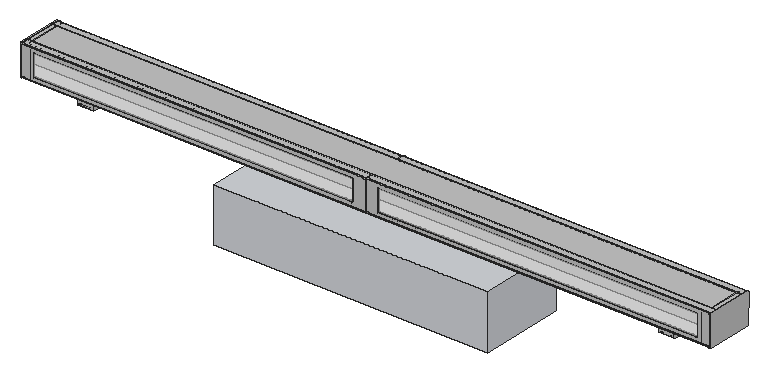
Revit family
Parameters (values of type "WBDIWLED-500-500-35-SO-SO-6-AP")
  With Multiple Lamps = Product Order Length > 240"  # no
  With Mount Multiple = Product Order Length > 240"  # no
  With Mount Additional = or(Product Order Length = 192", Product Order Length = 240")  # no
  With Additional Lamp = Product Order Length < 288"  # yes
  Wattage = 57.6923 W
  built-in parameter 1150110 = 1 (stored number, unit not read)
  Voltage = 120 V
  URL = "http://www.axislighting.com/CMS/itemsDetail_WetBeamDILED.php?298"
  built-in parameter 1114217 = 1 (stored number, unit not read)
  Tilt Angle = 90.00°
  built-in parameter 1150109 = 1 (stored number, unit not read)
  built-in parameter 1150134 = (empty or 0)
  built-in parameter 1150113 = 1 (stored number, unit not read)
  Reflector Finish = Steel - Axis - White Powder Coated
  Product Order Length = 72"
  Product ID = "WBDIWLED"
  Photometric Web File = "WBDIWLED-500-500-35-SO-4-AP-UNV-D-1.ies"
  Other = ""
  Optics Single = Product Order Length < 72"  # no
  Optics Multiple = Product Order Length > 48"  # yes
  Optics Length = if(Product Order Length > 48", (Fixture Length - 51/256") / Optics Configuration, Fixture Length - 51/256")  # 38.02539"
  Optics Half Length = Optics Length / 2  # 19.0127"
  Optics Configuration = if(Product Order Length < 288", 2, if(Product Order Length = 384", 4, if(Product Order Length < 480", 3, if(Product Order Length < 588", 4, 2))))  # 2
  Number of Lamps = Product Order Length / 12"  # 6
  Mounting Distance = if(Product Order Length = 24", 4 1/2", if(Product Order Length = 36", 6 1/2", if(Product Order Length = 48", 8 1/2", if(Product Order Length = 72", 5 1/2", if(Product Order Length = 144", 10 1/2", 17 1/2")))))  # 5 1/2"
  Module 8 Ft = 100 1/4"  # constant formula
  Module 4 Ft = 50 1/4"  # constant formula
  Module 12 Ft = 150 1/4"  # constant formula
  Model = "wet BEAMdi LED Wall Mount"
  Manufacturer = "Axis Lighting"
  built-in parameter 1150105 = 477.46 (stored number, unit not read)
  Lumens = 6000 lm
  built-in parameter 1150115 = 1 (stored number, unit not read)
  built-in parameter 1150137 = (empty or 0)
  built-in parameter 1150139 = (empty or 0)
  Lens Finish Indirect = Acrylic - Axis - Frosted
  Lens Finish Direct = Acrylic - Axis - Frosted
  Lamp Wattage = 13.55 VA
  built-in parameter 1150112 = 1 (stored number, unit not read)
  built-in parameter 1150114 = 1 (stored number, unit not read)
  Lamp Length = 48"  # constant formula
  Lamp Configuration = if(Product Order Length > 240", Optics Configuration - 1, 2)  # 2
  Lamp = "LED"
  Keynote = "16510"
  Joiner Length = 2"  # constant formula
  built-in parameter 1150132 = 2
  built-in parameter 1150102 = (empty or 0)
  built-in parameter 1150107 = 3500 (stored number, unit not read)
  built-in parameter 1150138 = (empty or 0)
  built-in parameter 1150106 = 4.7746 (stored number, unit not read)
  IC Controls = ""
  Housing Finish = Aluminum - Axis - Extruded
  Fixture Width = 3 7/16"  # constant formula
  Fixture Length = if(Product Order Length = 48", Module 4 Ft, if(Product Order Length = 72", Product Order Length + (End Cap Length * 2) + Joiner Length, if(Product Order Length = 96", Module 8 Ft, if(Product Order Length = 144", Module 12 Ft, if(Product Order Length = 192", Module 8 Ft * 2, if(Product Order Length = 240", Module 8 Ft + Module 12 Ft, if(Product Order Length = 288", Module 12 Ft * 2, if(Product Order Length = 336", Module 8 Ft * 2 + Module 12 Ft, if(Product Order Length = 384", Module 8 Ft * 4, if(Product Order Length = 432", Module 12 Ft * 3, if(Product Order Length = 480", Module 8 Ft * 2 + Module 12 Ft * 2, if(Product Order Length = 528", Module 8 Ft + Module 12 Ft * 3, if(Product Order Length = 576", Module 12 Ft * 4, Product Order Length + 2 1/4")))))))))))))  # 76 1/4"
  Fixture Depth = 5 1/8"  # constant formula
  End Cap Length = 1 1/8"  # constant formula
  built-in parameter 1150104 = 9.6619 (stored number, unit not read)
  Dimming Lamp Color Temperature Shift = (empty or 0)
  Description = "LED Wall Mount Lighting Fixture with Spoltess Lens"
  Default Elevation = 48"
  Custom = ""
  Color Filter = 16777215
  Circuit = 1
  built-in parameter 1114218 = 1 (stored number, unit not read)
  built-in parameter 1150133 = 10 (stored number, unit not read)
  Assembly Code = "D5020200"
  Apparent Load = Lamp Wattage * Number of Lamps  # 81.3 VA
Types (5): name | Wattage | Product Order Length | Optics Single | Optics Multiple | Optics Length | Optics Half Length | Number of Lamps | Mounting Distance | built-in parameter 1150105 | Lumens | built-in parameter 1150106 | Fixture Length | Apparent Load
  (no name) | 57.6923 W | 72" | no | yes | 38.02539" | 19.0127" | 6 | 5 1/2" | 477.46 (stored number, unit not read) | 6000 lm | 4.7746 (stored number, unit not read) | 76 1/4" | 81.3 VA
  WBDIWLED-500-500-35-SO-SO-6-AP | 57.6923 W | 72" | no | yes | 38.02539" | 19.0127" | 6 | 5 1/2" | 477.46 (stored number, unit not read) | 6000 lm | 4.7746 (stored number, unit not read) | 76 1/4" | 81.3 VA
  WBDIWLED-500-500-35-SO-SO-4-AP | 38.4615 W | 48" | yes | no | 50 13/256" | 25.02539" | 4 | 8 1/2" | 318.31 (stored number, unit not read) | 4000 lm | 3.1831 (stored number, unit not read) | 50 1/4" | 54.2 VA
  WBDIWLED-500-500-35-SO-SO-3-AP | 28.8462 W | 36" | yes | no | 38 13/256" | 19.02539" | 3 | 6 1/2" | 238.73 (stored number, unit not read) | 3000 lm | 2.3873 (stored number, unit not read) | 38 1/4" | 40.65 VA
  WBDIWLED-500-500-35-SO-SO-2-AP | 19.2308 W | 24" | yes | no | 26 13/256" | 13.02539" | 2 | 4 1/2" | 159.15 (stored number, unit not read) | 2000 lm | 1.5915 (stored number, unit not read) | 26 1/4" | 27.1 VA
Reference planes (in)
  plane 1 "Center (Front/Back)": y = 0
  plane 2: z = 0
  plane 3 "Center (Left/Right)": x = 0
  plane 4: x = -38.125
  plane 5: x = 38.125
  plane 6: x = -38.025
  plane 7: x = 38.025
  plane 8: y = -2.5625
  plane 9: y = 2.5625
  plane 10: x = 37.52344
  plane 11: x = -37.52344
  plane 12: x = -36.75
  plane 13: x = 36.75
  plane 14: y = -1.7375
  plane 15: y = 1.7375
  plane 16: x = -19.0123
  plane 17: x = 19.0123
  plane 18: x = -36.65
  plane 19: x = 36.65
  plane 20: x = -37.0289
  plane 21: x = 37.0289
  plane 22: x = -36.6344
  plane 23: x = 36.6344
  plane 24 "Fixture Face": z = 1.53125
  plane 25: z = 4.96875
  plane 26 "Fixture Center": z = 3.25
  plane 27: z = 4.49375
  plane 28: z = 2.00625
  plane 29: y = 2.6875
  plane 30: y = -2.6875
  plane 31: x = 0.00039
  plane 32: x = -0.00039
  plane 33: x = 0.00039
  plane 34: x = 19.01309
  plane 35: x = 38.02578
  plane 36: x = -38.02578
  plane 37: x = -19.01309
  plane 38: x = -0.00039
  plane 39: x = -32.02344
  plane 40: x = 32.02344
  plane 41: x = -5.5
  plane 42: x = 5.5
  plane 43: x = -17.50039
  plane 44: x = 17.49961
  plane 45: x = -17.49961
  plane 46: x = 17.50039
Forms (in)
  Extrusion 1, solid
    sketch origin (0, 0, 0) x (1, 0, 0) y (0, 1, 0)
      loop
        line (-15, 4.70508) -> (-15, -4.70508) -> (15.20075, -4.70508) -> (15.20075, 4.70508) -> (-15, 4.70508)
    from 0 to -6
  Extrusion 2, solid, material "Aluminum - Axis - Extruded" <- "Housing Finish", visible <- "Optics Single"
    sketch origin (0, 0, 0) x (0, 1, 0) y (0, 0, 1)
      loop
        arc (2.457, 1.53125) -> (2.5316, 1.56215) -> (2.5625, 1.63675) r 0.1055
        line (2.5625, 1.63675) -> (2.5625, 4.86325)
        arc (2.5625, 4.86325) -> (2.5316, 4.93785) -> (2.457, 4.96875) r 0.1055
        line (2.457, 4.96875) -> (1.7375, 4.96875) -> (1.7375, 4.89375) -> (2.4875, 4.89375) -> (2.4875, 1.60625) -> (1.7375, 1.60625) -> (1.7375, 1.53125) -> (2.457, 1.53125)
      loop
        line (-2.457, 1.53125) -> (-1.7375, 1.53125) -> (-1.7375, 1.60625) -> (-2.4875, 1.60625) -> (-2.4875, 4.89375) -> (-1.7375, 4.89375) -> (-1.7375, 4.96875) -> (-2.457, 4.96875)
        arc (-2.457, 4.96875) -> (-2.5316, 4.93785) -> (-2.5625, 4.86325) r 0.1055
        line (-2.5625, 4.86325) -> (-2.5625, 1.63675)
        arc (-2.5625, 1.63675) -> (-2.5316, 1.56215) -> (-2.457, 1.53125) r 0.1055
    from -38.025 to 38.025
  Extrusion 3, solid, material "Aluminum - Axis - Extruded" <- "Housing Finish"
    sketch origin (0, 0, 0) x (0, 1, 0) y (0, 0, 1)
      loop
        line (2.457, 4.96875) -> (-2.457, 4.96875)
        arc (-2.457, 4.96875) -> (-2.5316, 4.93785) -> (-2.5625, 4.86325) r 0.1055
        line (-2.5625, 4.86325) -> (-2.5625, 1.63675)
        arc (-2.5625, 1.63675) -> (-2.5316, 1.56215) -> (-2.457, 1.53125) r 0.1055
        line (-2.457, 1.53125) -> (2.457, 1.53125)
        arc (2.457, 1.53125) -> (2.5316, 1.56215) -> (2.5625, 1.63675) r 0.1055
        line (2.5625, 1.63675) -> (2.5625, 4.86325)
        arc (2.5625, 4.86325) -> (2.5316, 4.93785) -> (2.457, 4.96875) r 0.1055
    from -38.125 to -38.025
  Extrusion 4, solid, material "Aluminum - Axis - Extruded" <- "Housing Finish"
    sketch origin (0, 0, 0) x (0, 1, 0) y (0, 0, 1)
      loop
        line (2.457, 4.96875) -> (-2.457, 4.96875)
        arc (-2.457, 4.96875) -> (-2.5316, 4.93785) -> (-2.5625, 4.86325) r 0.1055
        line (-2.5625, 4.86325) -> (-2.5625, 1.63675)
        arc (-2.5625, 1.63675) -> (-2.5316, 1.56215) -> (-2.457, 1.53125) r 0.1055
        line (-2.457, 1.53125) -> (2.457, 1.53125)
        arc (2.457, 1.53125) -> (2.5316, 1.56215) -> (2.5625, 1.63675) r 0.1055
        line (2.5625, 1.63675) -> (2.5625, 4.86325)
        arc (2.5625, 4.86325) -> (2.5316, 4.93785) -> (2.457, 4.96875) r 0.1055
    from 38.025 to 38.125
  Extrusion 5, solid, material "Aluminum - Axis - Extruded" <- "Housing Finish"
    sketch origin (0, 0, 0) x (0, 1, 0) y (0, 0, 1)
      loop
        line (1.7375, 1.60625) -> (2.2775, 1.60625) -> (2.2775, 1.97025) -> (2.1175, 1.97025) -> (2.1175, 1.68125) -> (1.6675, 1.68125) -> (1.6675, 1.60625) -> (-1.6675, 1.60625) -> (-1.6675, 1.68125) -> (-2.1175, 1.68125) -> (-2.1175, 1.97025) -> (-2.2775, 1.97025) -> (-2.2775, 1.60625) -> (-1.7375, 1.60625) -> (-1.7375, 1.53125) -> (1.7375, 1.53125) -> (1.7375, 1.60625)
      loop
        line (1.7375, 4.89375) -> (1.7375, 4.96875) -> (-1.7375, 4.96875) -> (-1.7375, 4.89375) -> (-2.2775, 4.89375) -> (-2.2775, 4.52975) -> (-2.1175, 4.52975) -> (-2.1175, 4.81875) -> (-1.6675, 4.81875) -> (-1.6675, 4.89375) -> (1.6675, 4.89375) -> (1.6675, 4.81875) -> (2.1175, 4.81875) -> (2.1175, 4.52975) -> (2.2775, 4.52975) -> (2.2775, 4.89375) -> (1.7375, 4.89375)
    from -38.025 to -37.52344
  Extrusion 6, solid, material "Aluminum - Axis - Extruded" <- "Housing Finish"
    sketch origin (0, 0, 0) x (0, 1, 0) y (0, 0, 1)
      loop
        line (2.1175, 4.52975) -> (2.2775, 4.52975) -> (2.2775, 4.89375) -> (1.7375, 4.89375) -> (1.7375, 4.96875) -> (-1.7375, 4.96875) -> (-1.7375, 4.89375) -> (-2.2775, 4.89375) -> (-2.2775, 4.52975) -> (-2.1175, 4.52975) -> (-2.1175, 4.81875) -> (-1.6675, 4.81875) -> (-1.6675, 4.89375) -> (1.6675, 4.89375) -> (1.6675, 4.81875) -> (2.1175, 4.81875) -> (2.1175, 4.52975)
      loop
        line (2.1175, 1.68125) -> (1.6675, 1.68125) -> (1.6675, 1.60625) -> (-1.6675, 1.60625) -> (-1.6675, 1.68125) -> (-2.1175, 1.68125) -> (-2.1175, 1.97025) -> (-2.2775, 1.97025) -> (-2.2775, 1.60625) -> (-1.7375, 1.60625) -> (-1.7375, 1.53125) -> (1.7375, 1.53125) -> (1.7375, 1.60625) -> (2.2775, 1.60625) -> (2.2775, 1.97025) -> (2.1175, 1.97025) -> (2.1175, 1.68125)
    from 37.52344 to 38.025
  Extrusion 7, solid, material "Aluminum - Axis - Extruded" <- "Housing Finish"
    sketch origin (0, 0, 0) x (0, 1, 0) y (0, 0, 1)
      loop
        line (2.1175, 4.81875) -> (2.1175, 4.52975) -> (2.2775, 4.52975) -> (2.2775, 4.89375) -> (1.7375, 4.89375) -> (1.7375, 4.96875) -> (-1.7375, 4.96875) -> (-1.7375, 4.89375) -> (-2.2775, 4.89375) -> (-2.2775, 4.52975) -> (-2.1175, 4.52975) -> (-2.1175, 4.81875) -> (-1.6675, 4.81875) -> (-1.6675, 4.89375) -> (1.6675, 4.89375) -> (1.6675, 4.81875) -> (2.1175, 4.81875)
      loop
        line (2.1175, 1.68125) -> (1.6675, 1.68125) -> (1.6675, 1.60625) -> (-1.6675, 1.60625) -> (-1.6675, 1.68125) -> (-2.1175, 1.68125) -> (-2.1175, 1.97025) -> (-2.2775, 1.97025) -> (-2.2775, 1.60625) -> (-1.7375, 1.60625) -> (-1.7375, 1.53125) -> (1.7375, 1.53125) -> (1.7375, 1.60625) -> (2.2775, 1.60625) -> (2.2775, 1.97025) -> (2.1175, 1.97025) -> (2.1175, 1.68125)
    from -37.52344 to 37.52344
  Extrusion 8, void, detail levels medium+fine
    sketch origin (0, 0, 0) x (0, 1, 0) y (0, 0, 1)
      loop
        line (2.6875, 4.49375) -> (-2.6875, 4.49375) -> (-2.6875, 2.00625) -> (2.6875, 2.00625) -> (2.6875, 4.49375)
    from -36.65 to 36.65
  Extrusion 9, solid, material "Steel - Axis - White Powder Coated" <- "Reflector Finish", detail levels medium+fine
    sketch origin (0, 0, 0) x (0, 1, 0) y (0, 0, 1)
      loop
        line (2.20299, 4.4968) -> (2.19918, 4.52786) -> (0.8032, 4.35646) -> (0.8032, 3.37475) -> (0.8345, 3.37475) -> (0.8345, 4.32877) -> (2.20299, 4.4968)
      loop
        line (0.8345, 2.17123) -> (0.8345, 3.12525) -> (0.8032, 3.12525) -> (0.8032, 2.14354) -> (2.19918, 1.97214) -> (2.20299, 2.0032) -> (0.8345, 2.17123)
      loop
        line (-2.20299, 4.4968) -> (-0.8345, 4.32877) -> (-0.8345, 3.37475) -> (-0.8032, 3.37475) -> (-0.8032, 4.35646) -> (-2.19918, 4.52786) -> (-2.20299, 4.4968)
      loop
        line (-0.8345, 2.17123) -> (-2.20299, 2.0032) -> (-2.19918, 1.97214) -> (-0.8032, 2.14354) -> (-0.8032, 3.12525) -> (-0.8345, 3.12525) -> (-0.8345, 2.17123)
    from -38.025 to 38.025
  Extrusion 10, solid, material "Acrylic - Axis - Frosted" <- "Lens Finish Direct", visible <- "Optics Single", detail levels medium+fine
    sketch origin (0, 0, 0) x (0, 1, 0) y (0, 0, 1)
      loop
        line (-2.5625, 4.479) -> (-2.5625, 2.021) -> (-2.4875, 2.021) -> (-2.4875, 4.479) -> (-2.5625, 4.479)
    from -36.6344 to 36.6344
  Extrusion 11, solid, material "Acrylic - Axis - Frosted" <- "Lens Finish Direct", visible <- "Optics Single", detail levels medium+fine
    sketch origin (0, 0, 0) x (0, 1, 0) y (0, 0, 1)
      loop
        line (-2.4375, 1.626) -> (-2.4375, 4.874) -> (-2.4875, 4.874) -> (-2.4875, 1.626) -> (-2.4375, 1.626)
    from -37.0289 to 37.0289
  Extrusion 12, solid, material "Acrylic - Axis - Frosted" <- "Lens Finish Indirect", visible <- "Optics Single", detail levels medium+fine
    sketch origin (0, 0, 0) x (0, 1, 0) y (0, 0, 1)
      loop
        line (2.5625, 4.479) -> (2.4875, 4.479) -> (2.4875, 2.021) -> (2.5625, 2.021) -> (2.5625, 4.479)
    from -36.6344 to 36.6344
  Extrusion 13, solid, material "Acrylic - Axis - Frosted" <- "Lens Finish Indirect", visible <- "Optics Single", detail levels medium+fine
    sketch origin (0, 0, 0) x (0, 1, 0) y (0, 0, 1)
      loop
        line (2.4375, 1.626) -> (2.4875, 1.626) -> (2.4875, 4.874) -> (2.4375, 4.874) -> (2.4375, 1.626)
    from -37.0289 to 37.0289
Cuts and joins
  Extrusion 8 cuts Extrusion 2
  joined: Extrusion 10, Extrusion 11
  joined: Extrusion 12, Extrusion 13
Dimensions and locks (in)
  "Fixture Length": plane 4 to plane 5
  equal spacing: plane 4, plane 3 "Center (Left/Right)", plane 5
  locked: plane 4 to plane 6 at 0.1
  locked: plane 7 to plane 5 at 0.1
  locked: plane 4 to plane 11 at 0.60156
  locked: plane 10 to plane 5 at 0.60156
  locked: plane 4 to plane 12 at 1.375
  locked: plane 13 to plane 5 at 1.375
  locked: plane 4 to plane 18 at 1.475
  locked: plane 19 to plane 5 at 1.475
  locked: plane 4 to plane 20 at 1.0961
  locked: plane 21 to plane 5 at 1.0961
  locked: plane 23 to plane 5 at 1.4906
  locked: plane 4 to plane 22 at 1.4906
  locked: plane 24 "Fixture Face" to plane 2 at 1.53125
  "Fixture Width": plane 25 to plane 24 "Fixture Face"
  equal spacing: plane 25, plane 26 "Fixture Center", plane 24 "Fixture Face"
  "Fixture Depth": plane 9 to plane 8
  equal spacing: plane 9, plane 1 "Center (Front/Back)", plane 8
  locked: plane 9 to plane 15 at 0.825
  locked: plane 14 to plane 8 at 0.825
  plane 9 to Extrusion 2 sketch curve to Extrusion 2 sketch curve = 0.075" locked, 0.0305" locked
  locked: plane 9 to Extrusion 2 sketch curve at 0.1055
  locked: Extrusion 2 sketch curve to plane 8 at 0.1055
  Extrusion 2 sketch curve to Extrusion 2 sketch curve to plane 8 = 0.0305" locked, 0.075" locked
  locked: Extrusion 2 sketch curve to plane 24 "Fixture Face" at 0.075
  locked: plane 25 to Extrusion 2 sketch curve at 0.075
  locked: plane 9 to Extrusion 3 sketch curve at 0.1055
  locked: Extrusion 3 sketch curve to plane 8 at 0.1055
  locked: Extrusion 3 sketch curve to plane 24 "Fixture Face" at 0.1055  (x2)
  locked: plane 25 to Extrusion 3 sketch curve at 0.1055  (x2)
  locked: Extrusion 4 sketch curve to plane 8 at 0.1055  (x2)
  locked: plane 9 to Extrusion 4 sketch curve at 0.1055  (x2)
  locked: Extrusion 4 sketch curve to plane 24 "Fixture Face" at 0.1055  (x2)
  locked: plane 25 to Extrusion 4 sketch curve at 0.1055  (x2)
  plane 25 to Extrusion 5 sketch curve to Extrusion 5 sketch curve to Extrusion 5 sketch curve = 0.075" locked, 0.075" locked, 0.289" locked
  Extrusion 5 sketch curve to Extrusion 5 sketch curve to Extrusion 5 sketch curve to plane 24 "Fixture Face" = 0.289" locked, 0.075" locked, 0.075" locked
  plane 9 to Extrusion 5 sketch curve to Extrusion 5 sketch curve = 0.285" locked, 0.16" locked
  locked: plane 15 to Extrusion 5 sketch curve at 0.07
  locked: Extrusion 5 sketch curve to plane 14 at 0.07
  Extrusion 5 sketch curve to Extrusion 5 sketch curve to plane 8 = 0.16" locked, 0.285" locked
  locked: plane 28 to plane 24 "Fixture Face" at 0.475
  locked: plane 25 to plane 27 at 0.475
  locked: plane 29 to plane 9 at 0.125
  locked: plane 8 to plane 30 at 0.125
  plane 9 to Extrusion 9 sketch curve to Extrusion 9 sketch curve to Extrusion 9 sketch curve to Extrusion 9 sketch curve = 0.35951" locked, 0.00381" locked, 1.36467" locked, 0.0313" locked
  Extrusion 9 sketch curve to Extrusion 9 sketch curve to Extrusion 9 sketch curve to Extrusion 9 sketch curve to plane 8 = 0.0313" locked, 1.36467" locked, 0.00381" locked, 0.35951" locked
  plane 9 to Extrusion 9 sketch curve to Extrusion 9 sketch curve = 0.35951" locked, 0.00381" locked
  Extrusion 9 sketch curve to Extrusion 9 sketch curve to plane 8 = 0.00381" locked, 0.35951" locked
  Extrusion 9 sketch curve to Extrusion 9 sketch curve to Extrusion 9 sketch curve to Extrusion 9 sketch curve to Extrusion 9 sketch curve to plane 24 "Fixture Face" = 0.95402" locked, 0.02769" locked, 0.14034" locked, 0.03107" locked, 0.44089" locked  (x2)
  plane 25 to Extrusion 9 sketch curve to Extrusion 9 sketch curve to Extrusion 9 sketch curve to Extrusion 9 sketch curve to Extrusion 9 sketch curve = 0.44089" locked, 0.03107" locked, 0.14034" locked, 0.02769" locked, 0.95402" locked  (x2)
  locked: Extrusion 10 sketch curve to Extrusion 10 sketch curve at 2.458
  equal spacing: Extrusion 10 sketch curve, plane 26 "Fixture Center", Extrusion 10 sketch curve
  locked: Extrusion 10 sketch curve to plane 8 at 0.075
  locked: Extrusion 11 sketch curve to Extrusion 11 sketch curve at 3.248
  equal spacing: Extrusion 11 sketch curve, plane 26 "Fixture Center", Extrusion 11 sketch curve
  Extrusion 11 sketch curve to Extrusion 11 sketch curve to plane 8 = 0.05" locked, 0.075" locked
  locked: Extrusion 12 sketch curve to Extrusion 12 sketch curve at 2.458
  equal spacing: Extrusion 12 sketch curve, plane 26 "Fixture Center", Extrusion 12 sketch curve
  locked: plane 9 to Extrusion 12 sketch curve at 0.075
  locked: Extrusion 13 sketch curve to Extrusion 13 sketch curve at 3.248
  equal spacing: Extrusion 13 sketch curve, plane 26 "Fixture Center", Extrusion 13 sketch curve
  plane 9 to Extrusion 13 sketch curve to Extrusion 13 sketch curve = 0.075" locked, 0.05" locked
  group 1 to group 2 = 38.02461"
  group 1 to group 2 = 0"  (x2)
  "Optics Length": plane 6 to plane 31
  equal spacing: plane 6, plane 16, plane 31
  "Optics Length": plane 32 to plane 7
  equal spacing: plane 32, plane 17, plane 7
  "Optics Length": plane 33 to plane 35
  equal spacing: plane 33, plane 34, plane 35
  "Optics Length": plane 36 to plane 38
  equal spacing: plane 36, plane 37, plane 38
  "Mounting Distance": plane 11 to plane 39
  "Mounting Distance": plane 40 to plane 10
  "Mounting Distance": plane 41 to plane 3 "Center (Left/Right)"
  "Mounting Distance": plane 3 "Center (Left/Right)" to plane 42
  locked: plane 43 to plane 32 at 17.5
  locked: plane 32 to plane 44 at 17.5
  group 3 to group 5 = 0.00078"
  group 3 to group 5 = 0"  (x2)
  locked: plane 45 to plane 31 at 17.5
  locked: plane 31 to plane 46 at 17.5
  group 6 to group 7 = 0.00078"
  group 6 to group 7 = 0"  (x2)
  aligned and locked: plane 2 to Extrusion 1
  aligned and locked: level to Extrusion 1
  aligned and locked: imposter light to plane 26 "Fixture Center"
  aligned and locked: imposter light to plane 1 "Center (Front/Back)"
  aligned and locked: plane 24 "Fixture Face" to Extrusion 2 sketch curve  (x2)
  aligned and locked: plane 9 to Extrusion 2 sketch curve
  aligned and locked: plane 15 to Extrusion 2 sketch curve
  aligned and locked: Extrusion 2 sketch curve to plane 15
  aligned and locked: Extrusion 2 sketch curve to plane 8
  aligned and locked: Extrusion 2 sketch curve to plane 14  (x2)
  aligned and locked: plane 25 to Extrusion 2 sketch curve
  aligned and locked: Extrusion 2 sketch curve to Extrusion 2 sketch curve  (x2)
  aligned and locked: Extrusion 2 to plane 6
  aligned and locked: plane 7 to Extrusion 2
  aligned and locked: plane 25 to Extrusion 3 sketch curve
  aligned and locked: plane 24 "Fixture Face" to Extrusion 3 sketch curve
  aligned and locked: plane 8 to Extrusion 3 sketch curve
  aligned and locked: plane 9 to Extrusion 3 sketch curve
  aligned and locked: Extrusion 3 to plane 4
  aligned and locked: plane 6 to Extrusion 3
  aligned and locked: plane 25 to Extrusion 4 sketch curve
  aligned and locked: plane 8 to Extrusion 4 sketch curve
  aligned and locked: plane 24 "Fixture Face" to Extrusion 4 sketch curve
  aligned and locked: plane 9 to Extrusion 4 sketch curve
  aligned and locked: plane 5 to Extrusion 4
  aligned and locked: Extrusion 4 to plane 7
  aligned and locked: plane 14 to Extrusion 5 sketch curve  (x2)
  aligned and locked: plane 24 "Fixture Face" to Extrusion 5 sketch curve
  aligned and locked: plane 15 to Extrusion 5 sketch curve  (x2)
  aligned and locked: Extrusion 5 sketch curve to plane 25
  aligned and locked: Extrusion 5 sketch curve to Extrusion 5 sketch curve  (x14)
  aligned and locked: Extrusion 5 to plane 6
  aligned and locked: plane 11 to Extrusion 5
  aligned and locked: Extrusion 6 sketch curve to Extrusion 5  (x32)
  aligned and locked: plane 7 to Extrusion 6
  aligned and locked: Extrusion 6 to plane 10
  aligned and locked: Extrusion 7 sketch curve to Extrusion 5  (x32)
  aligned and locked: Extrusion 7 to plane 11
  aligned and locked: plane 10 to Extrusion 7
  aligned and locked: plane 29 to Extrusion 8 sketch curve
  aligned and locked: plane 27 to Extrusion 8 sketch curve
  aligned and locked: plane 28 to Extrusion 8 sketch curve
  aligned and locked: plane 30 to Extrusion 8 sketch curve
  aligned and locked: Extrusion 8 to plane 18
  aligned and locked: plane 19 to Extrusion 8
  aligned and locked: Extrusion 9 sketch curve to Extrusion 9 sketch curve  (x4)
  aligned and locked: Extrusion 9 to plane 6
  aligned and locked: plane 7 to Extrusion 9
  aligned and locked: plane 8 to Extrusion 10 sketch curve
  aligned and locked: Extrusion 10 to plane 22
  aligned and locked: plane 23 to Extrusion 10
  aligned and locked: Extrusion 11 to plane 20
  aligned and locked: plane 21 to Extrusion 11
  aligned and locked: plane 9 to Extrusion 12 sketch curve
  aligned and locked: Extrusion 12 to plane 22
  aligned and locked: plane 23 to Extrusion 12
  aligned and locked: Extrusion 13 to plane 20
  aligned and locked: plane 21 to Extrusion 13
  aligned and locked: nested 1 to plane 3 "Center (Left/Right)"
  aligned and locked: plane 16 to nested 2
  aligned and locked: plane 1 "Center (Front/Back)" to nested 2
  aligned and locked: plane 26 "Fixture Center" to nested 2
  aligned and locked: nested 3 to plane 17
  aligned and locked: plane 1 "Center (Front/Back)" to nested 3
  aligned and locked: plane 26 "Fixture Center" to nested 3
  aligned and locked: level to nested 1
  aligned and locked: plane 33 to plane 31
  aligned and locked: plane 38 to plane 32
  aligned and locked: plane 16 to imposter light
  aligned and locked: nested 4 to plane 2  (x2)
  aligned and locked: plane 1 "Center (Front/Back)" to nested 4
  aligned and locked: plane 39 to nested 4
  aligned and locked: plane 40 to nested 5
  aligned and locked: plane 1 "Center (Front/Back)" to nested 5
  aligned and locked: nested 5 to level
  aligned and locked: nested 6 to plane 2
  aligned and locked: plane 1 "Center (Front/Back)" to nested 6
  aligned and locked: nested 7 to plane 2
  aligned and locked: plane 1 "Center (Front/Back)" to nested 7
  aligned and locked: plane 41 to nested 7
  aligned and locked: plane 42 to nested 6
  aligned and locked: plane 44 to nested 8
  aligned and locked: nested 8 to plane 2
  aligned and locked: plane 1 "Center (Front/Back)" to nested 8
  aligned and locked: plane 43 to nested 9
  aligned and locked: nested 9 to plane 2
  aligned and locked: plane 1 "Center (Front/Back)" to nested 9
  aligned and locked: plane 45 to nested 13
  aligned and locked: plane 46 to nested 12
  aligned and locked: nested 13 to plane 2
  aligned and locked: plane 1 "Center (Front/Back)" to nested 13
  aligned and locked: nested 12 to plane 2
  aligned and locked: plane 1 "Center (Front/Back)" to nested 12
  aligned and locked: plane 17 to nested 14
  aligned and locked: plane 1 "Center (Front/Back)" to nested 14
  aligned and locked: plane 17 to nested 15
  aligned and locked: plane 1 "Center (Front/Back)" to nested 15
  aligned and locked: plane 34 to nested 16
  aligned and locked: plane 1 "Center (Front/Back)" to nested 16
Automatic sketch dimensions
  Extrusion 1 sketch curve to Extrusion 1 sketch curve = 30.20075"
  Extrusion 1 sketch curve to Extrusion 1 sketch curve = 9 105/256"
  Extrusion 2 sketch curve to plane 25 = 0"
Nested families (in)
  nested 1: "Lighting-Wall-Axis-Symbol" at (0, 0, 0.57422) x (-1, 0, 0) z (0, -1, 0), type "Lighting-Wall-Axis-Symbol"
    with Width 3 7/16", Length 76 1/4"
  nested 2: "Lighting-Component_Wall-Axis-Wet_Beamdi-Direct_Indirect_Lens" at (-19.0123, 0, 1.531), visible <- "Optics Multiple", type "Lighting-Component_Wall-Axis-Wet_Beamdi-Direct_Indirect_Lens"
    with Length 38.02539"
  nested 3: "Lighting-Component_Wall-Axis-Wet_Beamdi-Direct_Indirect_Lens" at (19.0123, 0, 1.531), visible <- "Optics Multiple", type "Lighting-Component_Wall-Axis-Wet_Beamdi-Direct_Indirect_Lens"
    with Length 38.02539"
  nested 4: "WBDIWLED-Mounts" at (-32.02344, 0, 0), type "Ends"
  nested 5: "WBDIWLED-Mounts" at (32.02344, 0, 0), type "Ends"
  nested 6: "WBDIWLED-Mounts" at (5.5, 0, 0), visible <- "With Mount Additional", type "Additional"
  nested 7: "WBDIWLED-Mounts" at (-5.5, 0, 0), visible <- "With Mount Additional", type "Additional"
  nested 8: "WBDIWLED-Mounts" at (17.49961, 0, 0), visible <- "With Mount Multiple", type "Multiple"
  nested 9: "WBDIWLED-Mounts" at (-17.50039, 0, 0), visible <- "With Mount Multiple", type "Multiple"
  nested 10: "WBDIWLED-Mounts" at (167.6998, 0, 0), visible <- "With Mount Multiple", type "Multiple", not visible
  nested 11: "WBDIWLED-Mounts" at (132.6998, 0, 0), visible <- "With Mount Multiple", type "Multiple", not visible
  nested 12: "WBDIWLED-Mounts" at (17.50039, 0, 0), visible <- "With Mount Multiple", type "Multiple"
  nested 13: "WBDIWLED-Mounts" at (-17.49961, 0, 0), visible <- "With Mount Multiple", type "Multiple"
  nested 14: "WBDIWLED-Light" at (19.0123, 0, 0), visible <- "With Additional Lamp", type "Light Additional"
    with Wattage 57.6923 W, Lumens 6000 lm
  nested 15: "WBDIWLED-Light" at (19.0123, 0, 0), visible <- "With Multiple Lamps", type "Multiple"
    with Wattage 57.6923 W, Lumens 6000 lm
  nested 16: "WBDIWLED-Light" at (19.01309, 0, 0), visible <- "With Multiple Lamps", type "Multiple"
    with Wattage 57.6923 W, Lumens 6000 lm
Connectors (in)
  electrical at (-32.02344, 0.03841, 0), driven by "Voltage", driven by "Apparent Load"
    settings: on nested 4, index 1, voltage 120 V, apparent load 0 VA, apparent load phase1 81.3 VA, apparent load phase2 0 VA, apparent load phase3 0 VA, power factor 1, load classification "Lighting", number of poles 1, system type 31, power factor state 1, is connector primary yes, connector utility no, sub classification motor no, connector description "Lighting Fixture Power"
Definition of nested family "Lighting-Component_Wall-Axis-Wet_Beamdi-Direct_Indirect_Lens"
  Parameters (values of type "Lighting-Component_Wall-Axis-Wet_Beamdi-Direct_Indirect_Lens")
    Optics Indirect = Acrylic - Axis - Frosted
    Optics Direct = Acrylic - Axis - Frosted
    Length = 12"
    Housing = Aluminum - Axis - White
    Assembly Code = ""
  Reference planes (in)
    plane 1 "Center (Front/Back)": y = 0
    plane 2: z = 0
    plane 3 "Center (Left/Right)": x = 0
    plane 4: x = -6
    plane 5: x = 6
    plane 6: x = 4.625
    plane 7: x = -4.60937
    plane 8: x = 4.60938
    plane 9: x = -5.00391
    plane 10: x = 5.00391
    plane 11: x = -4.625
    plane 12: z = 1.719
    plane 13: z = 3.438
    plane 14: y = 2.55
    plane 15: y = -2.55
    plane 16: y = 2.675
    plane 17: y = -2.675
    plane 18: y = 1.725
    plane 19: y = -1.725
    plane 20: z = 2.963
    plane 21: z = 0.475
  Forms (in)
    Extrusion 1, solid, material "Aluminum - Axis - White" <- "Housing"
      sketch origin (0, 0, 0) x (0, 1, 0) y (0, 0, 1)
        loop
          line (2.4445, 3.438) -> (1.725, 3.438) -> (1.725, 3.363) -> (2.475, 3.363) -> (2.475, 0.075) -> (1.725, 0.075) -> (1.725, 0) -> (2.4445, 0)
          arc (2.4445, 0) -> (2.5191, 0.0309) -> (2.55, 0.1055) r 0.1055
          line (2.55, 0.1055) -> (2.55, 3.3325)
          arc (2.55, 3.3325) -> (2.5191, 3.4071) -> (2.4445, 3.438) r 0.1055
        loop
          arc (-2.4445, 3.438) -> (-2.5191, 3.4071) -> (-2.55, 3.3325) r 0.1055
          line (-2.55, 3.3325) -> (-2.55, 0.1055)
          arc (-2.55, 0.1055) -> (-2.5191, 0.0309) -> (-2.4445, 0) r 0.1055
          line (-2.4445, 0) -> (-1.725, 0) -> (-1.725, 0.075) -> (-2.475, 0.075) -> (-2.475, 3.363) -> (-1.725, 3.363) -> (-1.725, 3.438) -> (-2.4445, 3.438)
      from -6 to 6
    Extrusion 2, void
      sketch origin (0, 0, 0) x (0, 1, 0) y (0, 0, 1)
        loop
          line (2.675, 2.963) -> (-2.675, 2.963) -> (-2.675, 0.475) -> (2.675, 0.475) -> (2.675, 2.963)
      from -4.625 to 4.625
    Extrusion 3, solid, material "Acrylic - Axis - Frosted" <- "Optics Direct", detail levels medium+fine
      sketch origin (0, 0, 0) x (0, 1, 0) y (0, 0, 1)
        loop
          line (-2.55, 2.948) -> (-2.55, 0.49) -> (-2.475, 0.49) -> (-2.475, 2.948) -> (-2.55, 2.948)
      from -4.60938 to 4.60938
    Extrusion 4, solid, material "Acrylic - Axis - Frosted" <- "Optics Direct", detail levels medium+fine
      sketch origin (0, 0, 0) x (0, 1, 0) y (0, 0, 1)
        loop
          line (-2.425, 3.343) -> (-2.475, 3.343) -> (-2.475, 0.095) -> (-2.425, 0.095) -> (-2.425, 3.343)
      from -5.00391 to 5.00391
    Extrusion 5, solid, material "Acrylic - Axis - Frosted" <- "Optics Indirect", detail levels medium+fine
      sketch origin (0, 0, 0) x (0, 1, 0) y (0, 0, 1)
        loop
          line (2.55, 2.948) -> (2.475, 2.948) -> (2.475, 0.49) -> (2.55, 0.49) -> (2.55, 2.948)
      from -4.60938 to 4.60938
    Extrusion 6, solid, material "Acrylic - Axis - Frosted" <- "Optics Indirect", detail levels medium+fine
      sketch origin (0, 0, 0) x (0, 1, 0) y (0, 0, 1)
        loop
          line (2.425, 3.343) -> (2.425, 0.095) -> (2.475, 0.095) -> (2.475, 3.343) -> (2.425, 3.343)
      from -5.00391 to 5.00391
  Cuts and joins
    Extrusion 2 cuts Extrusion 1
    joined: Extrusion 3, Extrusion 4
    joined: Extrusion 5, Extrusion 6
  Dimensions and locks (in)
    "Length": plane 4 to plane 5
    equal spacing: plane 4, plane 3 "Center (Left/Right)", plane 5
    plane 4 to plane 9 to plane 11 to plane 7 = 255/256" locked, 97/256" locked, 1/64" locked
    plane 8 to plane 6 to plane 10 to plane 5 = 1/64" locked, 97/256" locked, 255/256" locked
    locked: plane 13 to plane 2 at 3.438
    equal spacing: plane 13, plane 12, plane 2
    locked: plane 14 to plane 15 at 5.1
    equal spacing: plane 14, plane 1 "Center (Front/Back)", plane 15
    locked: plane 16 to plane 14 at 0.125
    locked: plane 15 to plane 17 at 0.125
    locked: plane 14 to plane 18 at 0.825
    locked: plane 19 to plane 15 at 0.825
    locked: plane 21 to plane 2 at 0.475
    locked: plane 13 to plane 20 at 0.475
    locked: Extrusion 1 sketch curve to plane 2 at 0.075
    locked: Extrusion 1 sketch curve to plane 15 at 0.075
    locked: plane 13 to Extrusion 1 sketch curve at 0.075
    locked: plane 14 to Extrusion 1 sketch curve at 0.075
    locked: Extrusion 1 sketch curve to plane 15 at 0.1055  (x2)
    locked: plane 13 to Extrusion 1 sketch curve at 0.1055  (x2)
    locked: Extrusion 1 sketch curve to plane 2 at 0.1055  (x2)
    locked: plane 14 to Extrusion 1 sketch curve at 0.1055  (x2)
    locked: Extrusion 3 sketch curve to Extrusion 3 sketch curve at 2.458
    equal spacing: Extrusion 3 sketch curve, plane 12, Extrusion 3 sketch curve
    locked: Extrusion 3 sketch curve to plane 15 at 0.075
    locked: Extrusion 4 sketch curve to Extrusion 4 sketch curve at 3.248
    equal spacing: Extrusion 4 sketch curve, plane 12, Extrusion 4 sketch curve
    locked: Extrusion 5 sketch curve to Extrusion 5 sketch curve at 2.458
    equal spacing: Extrusion 5 sketch curve, plane 12, Extrusion 5 sketch curve
    locked: plane 14 to Extrusion 5 sketch curve at 0.075
    locked: Extrusion 6 sketch curve to Extrusion 6 sketch curve at 3.248
    equal spacing: Extrusion 6 sketch curve, plane 12, Extrusion 6 sketch curve
    aligned and locked: level to plane 2
    aligned and locked: plane 13 to Extrusion 1 sketch curve  (x2)
    aligned and locked: plane 14 to Extrusion 1 sketch curve
    aligned and locked: plane 2 to Extrusion 1 sketch curve  (x2)
    aligned and locked: plane 18 to Extrusion 1 sketch curve
    aligned and locked: Extrusion 1 sketch curve to plane 18
    aligned and locked: plane 15 to Extrusion 1 sketch curve
    aligned and locked: plane 19 to Extrusion 1 sketch curve  (x2)
    aligned and locked: Extrusion 1 sketch curve to Extrusion 1 sketch curve  (x2)
    aligned and locked: Extrusion 1 to plane 4
    aligned and locked: plane 5 to Extrusion 1
    aligned and locked: plane 16 to Extrusion 2 sketch curve
    aligned and locked: Extrusion 2 sketch curve to plane 21
    aligned and locked: plane 20 to Extrusion 2 sketch curve
    aligned and locked: plane 17 to Extrusion 2 sketch curve
    aligned and locked: Extrusion 2 to plane 11
    aligned and locked: plane 6 to Extrusion 2
    aligned and locked: Extrusion 3 sketch curve to plane 15
    aligned and locked: Extrusion 3 to plane 7
    aligned and locked: plane 8 to Extrusion 3
    aligned and locked: Extrusion 4 to plane 9
    aligned and locked: plane 10 to Extrusion 4
    aligned and locked: plane 14 to Extrusion 5 sketch curve
    aligned and locked: Extrusion 5 to plane 7
    aligned and locked: plane 8 to Extrusion 5
    aligned and locked: Extrusion 6 to plane 9
    aligned and locked: plane 10 to Extrusion 6
  Automatic sketch dimensions
    plane 15 to Extrusion 4 sketch curve = 0.075"
    plane 15 to Extrusion 4 sketch curve = 1/8"
    plane 14 to Extrusion 6 sketch curve = 1/8"
    Extrusion 6 sketch curve to Extrusion 6 sketch curve = 0.05"
Definition of nested family "WBDIWLED-Mounts"
  Parameters (values of type "Multiple")
    Finish = Aluminum - Axis - Extruded
    Assembly Code = ""
  Types (3): name
    Additional
    Multiple
    Ends
  Reference planes (in)
    plane 1 "Center (Front/Back)": y = 0
    plane 2: z = 0
    plane 3 "Center (Left/Right)": x = 0
    plane 4: x = -0.87
    plane 5: x = 0.87
  Forms (in)
    Extrusion 1, solid, material "Aluminum - Axis - Extruded" <- "Finish"
      sketch origin (0, 0, 0) x (0, 1, 0) y (0, 0, 1)
        loop
          line (1.18771, 0.0601) -> (1.18771, 1.35952) -> (1.01837, 1.35952) -> (1.00814, 1.47639)
          arc (1.00814, 1.47639) -> (0.98888, 1.51546) -> (0.94827, 1.53125) r 0.0601
          line (0.94827, 1.53125) -> (0.00473, 1.53125)
          arc (0.00473, 1.53125) -> (-0.02395, 1.52397) -> (-0.04568, 1.50388) r 0.0601
          line (-0.04568, 1.50388) -> (-0.13943, 1.35952) -> (-1.12429, 1.35952) -> (-1.12429, 0.0601) -> (-0.98209, 0.0601)
          arc (-0.98209, 0.0601) -> (-0.94867, 0.01652) -> (-0.89629, 0) r 0.0913
          line (-0.89629, 0) -> (0.97311, 0)
          arc (0.97311, 0) -> (1.02549, 0.01652) -> (1.05892, 0.0601) r 0.0913
          line (1.05892, 0.0601) -> (1.18771, 0.0601)
      from -0.87 to 0.87
  Dimensions and locks (in)
    locked: plane 4 to plane 5 at 1.74
    equal spacing: plane 4, plane 3 "Center (Left/Right)", plane 5
    aligned and locked: plane 2 to level
    aligned and locked: Extrusion 1 to plane 4
    aligned and locked: plane 5 to Extrusion 1
  Automatic sketch dimensions
    Extrusion 1 sketch curve to level = 0"
    plane 1 "Center (Front/Back)" to Extrusion 1 sketch curve = 1.12429"
    level to Extrusion 1 sketch curve = 0.0601"  (x2)
    Extrusion 1 sketch curve to Extrusion 1 sketch curve = 0.1422"
    Extrusion 1 sketch curve to Extrusion 1 sketch curve = 0.0858"  (x2)
    plane 1 "Center (Front/Back)" to Extrusion 1 sketch curve = 0.13943"
    plane 1 "Center (Front/Back)" to Extrusion 1 sketch curve = 0.04568"
    Extrusion 1 sketch curve to plane 1 "Center (Front/Back)" = 0.00473"
    Extrusion 1 sketch curve to Extrusion 1 sketch curve = 0.94355"
    Extrusion 1 sketch curve to plane 1 "Center (Front/Back)" = 0.97311"
    Extrusion 1 sketch curve to Extrusion 1 sketch curve = 0.05987"
    Extrusion 1 sketch curve to Extrusion 1 sketch curve = 0.01022"
    Extrusion 1 sketch curve to Extrusion 1 sketch curve = 0.1288"
    level to Extrusion 1 sketch curve = 1.35952"
    Extrusion 1 sketch curve to Extrusion 1 sketch curve = 0"
    Extrusion 1 sketch curve to Extrusion 1 sketch curve = 0.11163"  (x2)
    Extrusion 1 sketch curve to Extrusion 1 sketch curve = 0.00524"
Definition of nested family "Lighting-Wall-Axis-Symbol"
  Parameters (values of type "Lighting-Wall-Axis-Symbol")
    Width = 4 19/128"
    Length = 24"
    Assembly Code = ""
  Reference planes (in)
    plane 1 "Center (Front/Back)": y = 0
    plane 2: z = 0
    plane 3 "Center (Left/Right)": x = 0
    plane 4: x = -2
    plane 5: x = 2
    plane 6: y = 2.07422
    plane 7: y = 0.57422
    plane 8: y = -1.42578
  Lines and regions (in)
    Masking region 1, in view "Ref. Level"
      outline origin (0, -1.42578, 0) x (1, 0, 0) y (0, 1, 0)
        loop
          line (-12, -4.14844) -> (12, -4.14844) -> (12, 0) -> (-12, 0) -> (-12, -4.14844)
    detail lines, style "Wall-Mounted Lights", in view "Ref. Level"
      curve 1: line (-2, 0.57422, 0) -> (2, 0.57422, 0)
      curve 5: line (-12, -1.42578, 0) -> (12, -1.42578, 0)
      curve 6: line (0, -1.42578, 0) -> (0, 0.57422, 0)
    detail lines, style "Wall-Mounted Lights", in view "Ref. Level", detail levels coarse+medium
      curve 2: line (-12, -5.57422, 0) -> (-12, -1.42578, 0)
      curve 3: line (12, -5.57422, 0) -> (-12, -5.57422, 0)
      curve 4: line (12, -1.42578, 0) -> (12, -5.57422, 0)
  Dimensions and locks (in)
    "Length": curve 2 to curve 4
    equal spacing: curve 2, plane 3 "Center (Left/Right)", curve 4
    plane 4 to plane 3 "Center (Left/Right)" to plane 5 = 2" locked, 2" locked
    "Width": curve 5 to curve 3
    locked: curve 5 to plane 1 "Center (Front/Back)" at 1.42578
    locked: plane 1 "Center (Front/Back)" to plane 7 at 0.57422
    aligned and locked: plane 3 "Center (Left/Right)" to curve 6
    aligned and locked: Masking region 1 sketch curve to curve 3
    aligned and locked: Masking region 1 sketch curve to curve 2
    aligned and locked: Masking region 1 sketch curve to curve 5
    aligned and locked: Masking region 1 sketch curve to curve 4
    aligned and locked: plane 7 to curve 1
  Automatic sketch dimensions
    plane 3 "Center (Left/Right)" to curve 1 = 2"
    curve 1 to plane 3 "Center (Left/Right)" = 2"
Definition of nested family "WBDIWLED-Light"
  Parameters (values of type "Multiple")
    Wattage = 92.3077 W
    built-in parameter 1150110 = 1 (stored number, unit not read)
    built-in parameter 1114217 = 1 (stored number, unit not read)
    Tilt Angle = 90.00°
    built-in parameter 1150109 = 1 (stored number, unit not read)
    built-in parameter 1150134 = (empty or 0)
    built-in parameter 1150113 = 1 (stored number, unit not read)
    Photometric Web File = "WBDIWLED-500-500-35-SO-4-AP-UNV-D-1.ies"
    built-in parameter 1150105 = -8150400 (stored number, unit not read)
    Lumens = 9600 lm
    built-in parameter 1150115 = 1 (stored number, unit not read)
    built-in parameter 1150137 = (empty or 0)
    built-in parameter 1150139 = (empty or 0)
    built-in parameter 1150112 = 1 (stored number, unit not read)
    built-in parameter 1150114 = 1 (stored number, unit not read)
    built-in parameter 1150132 = 2
    built-in parameter 1150102 = (empty or 0)
    built-in parameter 1150107 = 3500 (stored number, unit not read)
    built-in parameter 1150138 = (empty or 0)
    built-in parameter 1150106 = -81504 (stored number, unit not read)
    built-in parameter 1150104 = 9.6619 (stored number, unit not read)
    Dimming Lamp Color Temperature Shift = (empty or 0)
    Default Elevation = 48"
    Color Filter = 16777215
    built-in parameter 1114218 = 1 (stored number, unit not read)
    built-in parameter 1150133 = 10 (stored number, unit not read)
    Assembly Code = ""
  Types (2): name
    Light Additional
    Multiple
  Reference planes (in)
    plane 1 "Center (Front/Back)": y = 0
    plane 2: z = 0
    plane 3 "Center (Left/Right)": x = 0
    plane 4: z = 1.53125
    plane 5: z = 4.96875
    plane 6: z = 3.25
  Forms (in)
    Extrusion 1, solid
      sketch origin (0, 0, 0) x (1, 0, 0) y (0, 1, 0)
        loop
          line (-48, 48) -> (-48, -48) -> (48, -48) -> (48, 48) -> (-48, 48)
      from 0 to -12
  Dimensions and locks (in)
    locked: plane 4 to level at 1.53125
    locked: plane 5 to plane 4 at 3.4375
    equal spacing: plane 5, plane 6, plane 4
    aligned and locked: plane 2 to Extrusion 1
    aligned and locked: level to Extrusion 1
    aligned and locked: plane 3 "Center (Left/Right)" to imposter light
    aligned: plane 1 "Center (Front/Back)" to imposter light
    aligned and locked: imposter light to plane 1 "Center (Front/Back)"
    aligned and locked: imposter light to plane 6
  Automatic sketch dimensions
    Extrusion 1 sketch curve to Extrusion 1 sketch curve = 96"  (x2)
